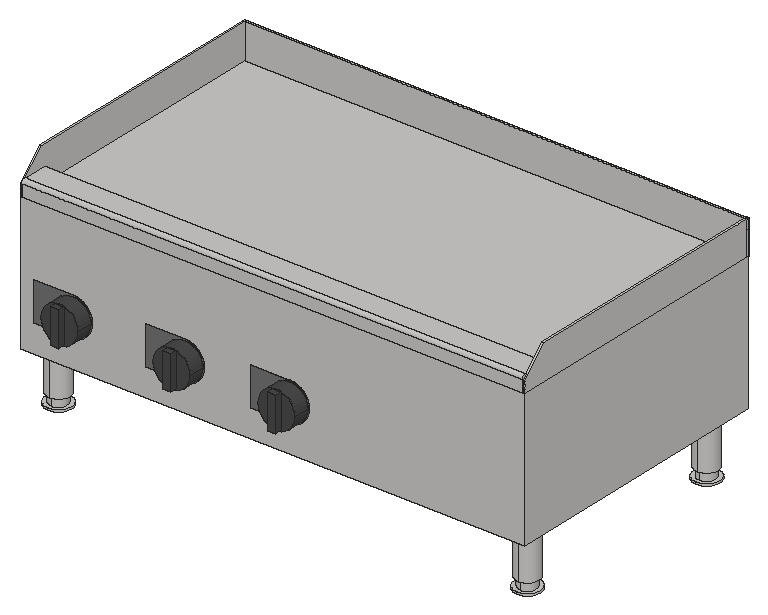
Revit family "QF_Vollrath_40717", category Specialty Equipment, Revit 2016
Family settings
  Part Type = Normal
  Round Connector Dimension = Use Diameter
  OmniClass Number = 23.40.40.14.17.14
  OmniClass Title = Hot Plates
  Work Plane-Based = No
  Always vertical = Yes
  Cut with Voids When Loaded = No
  Shared = No
  Room Calculation Point = No
Parameters
  Width [instance] = 3' - 0"
  Weight in Pounds = 110
  Watts = 8400 W
  Watermarked By = "http://revitwatermark.com"
  Volts = 220 V
  URL Cutsheet = ""
  URL = ""
  Status [instance] = ""
  Specification by User [instance] = ""
  Specification by Manufacturer [instance] = ""
  Serial Number [instance] = ""
  Seismic Rating [instance] = ""
  Revision Code [instance] = ""
  Phase = 1
  Number of Poles = 1
  NAFEM Spec ID Number [instance] = ""
  Model = "40717"
  Masterspec [instance] = ""
  Manufacturer = "Vollrath"
  Length [instance] = 1' - 8"
  Item Number [instance] = "-"
  Installed By [instance] = ""
  Height AFF [instance] = 2' - 10"
  Furnished By [instance] = ""
  Foodservice Equipment Identifier [instance] = yes
  FL Amps = 38 A
  Electrical Remarks = ""
  Electric Connection Type = ""
  Elec Conn RI Height = 0' - 0"
  Elec Conn Connection Height = 0' - 0"
  Description = "Electric Giddle"
  Cycle = 60 Hz
  Conn Plug = "NEMA 6-50P"
  CSI MasterFormat = "11 44 00"
  Assembly Code = "E1090320"
  Apparent Power = 0 VA
Reference planes (in)
  plane 1: z = 0
  plane 2 "BOTTOM": z = 34
  plane 3 "LEFT CLEARANCE": x = -30.72076
  plane 4 "RIGHT CLEARANCE": x = 17.27924
  plane 5 "BACK CLEARANCE": y = 6
  plane 6 "FRONT": y = -20
  plane 7 "Top of Legs": z = 38
  plane 8: x = -24.72076
  plane 9: x = 11.27924
  plane 10 "BACK": y = 0
  plane 11: z = 37.75
  plane 12: z = 37.5
  plane 13: x = -22.40972
  plane 14: x = -18.72076
  plane 15: x = -15.03179
  plane 16: z = 49.5
  plane 17: z = 48.86814
  plane 18: z = 49.875
  plane 19: z = 39.5
  plane 20: x = -12.84576
  plane 21: y = -0.125
  plane 22: x = -24.59576
  plane 23: z = 64.625
  plane 24: z = 47.75
  plane 25: y = -14.25
  plane 26 "TOP": z = 50.25
Forms (in)
  Extrusion 1, solid, material "QF_Finishes_Stainless Steel"
    sketch origin (0, 0, 34) x (0, 1, 0) y (-1, 0, 0)
      loop
        circle (-2, 23.59576) r 0.9375
    from 0 to 0.125
  Extrusion 2, solid, material "QF_Finishes_Stainless Steel"
    sketch origin (0, 0, 34) x (0, 1, 0) y (-1, 0, 0)
      loop
        circle (-2, 23.59576) r 0.625
    from 0.125 to 0.75
  Extrusion 3, solid, material "QF_Finishes_Stainless Steel"
    sketch origin (0, 0, 34) x (0, 1, 0) y (-1, 0, 0)
      loop
        circle (-2, 23.59576) r 0.8125
    from 0.75 to 4
  Extrusion 4, solid, material "QF_Finishes_Stainless Steel"
    sketch origin (45.125, 0, 34) x (0, 1, 0) y (-1, 0, 0)
      loop
        circle (-2, 35.22076) r 0.9375
    from 0 to 0.125
  Extrusion 5, solid, material "QF_Finishes_Stainless Steel"
    sketch origin (45.125, 0, 34) x (0, 1, 0) y (-1, 0, 0)
      loop
        circle (-2, 35.22076) r 0.625
    from 0.125 to 0.75
  Extrusion 6, solid, material "QF_Finishes_Stainless Steel"
    sketch origin (45.125, 0, 34) x (0, 1, 0) y (-1, 0, 0)
      loop
        circle (-2, 35.22076) r 0.8125
    from 0.75 to 4
  Extrusion 7, solid, material "QF_Finishes_Stainless Steel"
    sketch origin (45.125, -28, 34) x (0, 1, 0) y (-1, 0, 0)
      loop
        circle (10, 35.22076) r 0.9375
    from 0 to 0.125
  Extrusion 8, solid, material "QF_Finishes_Stainless Steel"
    sketch origin (45.125, -28, 34) x (0, 1, 0) y (-1, 0, 0)
      loop
        circle (10, 35.22076) r 0.625
    from 0.125 to 0.75
  Extrusion 9, solid, material "QF_Finishes_Stainless Steel"
    sketch origin (45.125, -28, 34) x (0, 1, 0) y (-1, 0, 0)
      loop
        circle (10, 35.22076) r 0.8125
    from 0.75 to 4
  Extrusion 10, solid, material "QF_Finishes_Stainless Steel"
    sketch origin (0, -28, 34) x (0, 1, 0) y (-1, 0, 0)
      loop
        circle (10, 23.59576) r 0.9375
    from 0 to 0.125
  Extrusion 11, solid, material "QF_Finishes_Stainless Steel"
    sketch origin (0, -28, 34) x (0, 1, 0) y (-1, 0, 0)
      loop
        circle (10, 23.59576) r 0.625
    from 0.125 to 0.75
  Extrusion 12, solid, material "QF_Finishes_Stainless Steel"
    sketch origin (0, -28, 34) x (0, 1, 0) y (-1, 0, 0)
      loop
        circle (10, 23.59576) r 0.8125
    from 0.75 to 4
  Extrusion 13, solid, material "QF_Finishes_Stainless Steel"
    sketch origin (0, 0, 34) x (0, 1, 0) y (-1, 0, 0)
      loop
        line (0, 24.72076) -> (-20, 24.72076) -> (-20, -11.27924) -> (0, -11.27924) -> (0, 24.72076)
    from 4 to 13.75
  Extrusion 14, solid, material "QF_Finishes_Black"
    sketch origin (0.75, 5.04599, -2) x (1, 0, 0) y (0, 0, 1)
      loop
        circle (-21.70789, 43.38697) r 1.31289
    from 25.04599 to 26.25
  Extrusion 15, solid, material "QF_Finishes_Black"
    sketch origin (0.91646, 5.04599, -2) x (1, 0, 0) y (0, 0, 1)
      loop
        line (-22.10719, 44.63767) -> (-22.10719, 42.20063) -> (-21.55452, 42.20063) -> (-21.55452, 44.63767) -> (-22.10719, 44.63767)
    from 26.25 to 26.75
  Extrusion 16, solid, material "QF_Finishes_Clearances", detail levels coarse
    sketch origin (0, 0, 34) x (0, 1, 0) y (-1, 0, 0)
      loop
        line (6, 30.72076) -> (-20, 30.72076) -> (-20, 24.72076) -> (6, 24.72076) -> (6, 30.72076)
    from 0 to 16.25
  Extrusion 17, solid, material "QF_Finishes_Clearances", detail levels coarse
    sketch origin (0, 0, 34) x (0, 1, 0) y (-1, 0, 0)
      loop
        line (6, -11.27924) -> (-20, -11.27924) -> (-20, -17.27924) -> (6, -17.27924) -> (6, -11.27924)
    from 0 to 16.25
  Extrusion 18, solid, material "QF_Finishes_Clearances", detail levels coarse
    sketch origin (0, 0, 34) x (0, 1, 0) y (-1, 0, 0)
      loop
        line (6, 24.72076) -> (0, 24.72076) -> (0, -11.27924) -> (6, -11.27924) -> (6, 24.72076)
    from 0 to 16.25
  Extrusion 19, solid, material "QF_Finishes_Stainless Steel"
    sketch origin (0, 0, 0) x (1, 0, 0) y (0, 0, 1)
      loop
        circle (-15.03179, 39.5) r 0.375
    from -0.37026 to 0
  Extrusion 20, solid, material "QF_Finishes_Stainless Steel"
    sketch origin (-0.72076, 0, 0) x (0, 1, 0) y (0, 0, 1)
      loop
        line (-20, 48.58811) -> (-20, 47.75) -> (0, 47.75) -> (0, 50.25) -> (-18.25687, 50.25) -> (-20, 48.58811)
    from 11.875 to 12
  Extrusion 21, solid, material "QF_Finishes_Stainless Steel"
    sketch origin (-36.59576, 0, 0) x (0, 1, 0) y (0, 0, 1)
      loop
        line (-20, 48.58811) -> (-20, 47.75) -> (0, 47.75) -> (0, 50.25) -> (-18.25687, 50.25) -> (-20, 48.58811)
    from 11.875 to 12
  Extrusion 22, solid, material "QF_Finishes_Stainless Steel"
    sketch origin (-24.72076, 0, 0) x (0, 1, 0) y (0, 0, 1)
      loop
        line (-18.04599, 47.75) -> (-18.04599, 48.86814) -> (-19.72916, 48.86814)
        arc (-19.72916, 48.86814) -> (-19.92067, 48.78882) -> (-20, 48.5973) r 0.27084
        line (-20, 48.5973) -> (-20, 47.75) -> (-18.04599, 47.75)
    from 0.125 to 35.875
  Extrusion 23, solid, material "QF_Finishes_Dark Grey"
    sketch origin (0.75, 0, -2) x (1, 0, 0) y (0, 0, 1)
      loop
        line (-24.45789, 42.01197) -> (-21.70789, 42.01197)
        arc (-21.70789, 42.01197) -> (-20.33289, 43.38697) -> (-21.70789, 44.76197) r 1.375
        line (-21.70789, 44.76197) -> (-24.45789, 44.76197) -> (-24.45789, 42.01197)
      loop
        circle (-21.70789, 43.38697) r 1.31289
    from 20.0563 to 20
  Extrusion 24, solid, material "QF_Finishes_Stainless Steel"
    sketch origin (0, 0, 0) x (1, 0, 0) y (0, 0, 1)
      loop
        line (11.27924, 50.25) -> (-24.72076, 50.25) -> (-24.72076, 47.75) -> (11.27924, 47.75) -> (11.27924, 50.25)
    from 0 to 0.125
  Extrusion 25, solid, material "QF_Finishes_Black"
    sketch origin (8.75, 5.04599, -2) x (1, 0, 0) y (0, 0, 1)
      loop
        circle (-21.70789, 43.38697) r 1.31289
    from 25.04599 to 26.25
  Extrusion 26, solid, material "QF_Finishes_Black"
    sketch origin (8.91646, 5.04599, -2) x (1, 0, 0) y (0, 0, 1)
      loop
        line (-22.10719, 44.63767) -> (-22.10719, 42.20063) -> (-21.55452, 42.20063) -> (-21.55452, 44.63767) -> (-22.10719, 44.63767)
    from 26.25 to 26.75
  Extrusion 27, solid, material "QF_Finishes_Dark Grey"
    sketch origin (8.75, 0, -2) x (1, 0, 0) y (0, 0, 1)
      loop
        line (-24.45789, 42.01197) -> (-21.70789, 42.01197)
        arc (-21.70789, 42.01197) -> (-20.33289, 43.38697) -> (-21.70789, 44.76197) r 1.375
        line (-21.70789, 44.76197) -> (-24.45789, 44.76197) -> (-24.45789, 42.01197)
      loop
        circle (-21.70789, 43.38697) r 1.31289
    from 20.0563 to 20
  Extrusion 28, solid, material "QF_Finishes_Black"
    sketch origin (16.25, 5.04599, -2) x (1, 0, 0) y (0, 0, 1)
      loop
        circle (-21.70789, 43.38697) r 1.31289
    from 25.04599 to 26.25
  Extrusion 29, solid, material "QF_Finishes_Black"
    sketch origin (16.41646, 5.04599, -2) x (1, 0, 0) y (0, 0, 1)
      loop
        line (-22.10719, 44.63767) -> (-22.10719, 42.20063) -> (-21.55452, 42.20063) -> (-21.55452, 44.63767) -> (-22.10719, 44.63767)
    from 26.25 to 26.75
  Extrusion 30, solid, material "QF_Finishes_Dark Grey"
    sketch origin (16.25, 0, -2) x (1, 0, 0) y (0, 0, 1)
      loop
        line (-24.45789, 42.01197) -> (-21.70789, 42.01197)
        arc (-21.70789, 42.01197) -> (-20.33289, 43.38697) -> (-21.70789, 44.76197) r 1.375
        line (-21.70789, 44.76197) -> (-24.45789, 44.76197) -> (-24.45789, 42.01197)
      loop
        circle (-21.70789, 43.38697) r 1.31289
    from 20.0563 to 20
Lines and regions (in)
  symbolic lines, style "QF_Clearances", detail levels coarse
    curve 1: line (-30.72076, -20, 34) -> (-30.72076, 6, 34)
    curve 2: line (-30.72076, 6, 34) -> (-24.72076, 6, 34)
    curve 3: line (-24.72076, 6, 34) -> (11.27924, 6, 34)
    curve 4: line (11.27924, 6, 34) -> (17.27924, 6, 34)
    curve 5: line (17.27924, 6, 34) -> (17.27924, -20, 34)
  symbolic lines
    curve 6: line (-24.72076, 0, 34) -> (11.27924, 0, 34)
    curve 7: line (11.27924, 0, 34) -> (11.27924, -20, 34)
    curve 8: line (11.27924, -20, 34) -> (-24.72076, -20, 34)
    curve 9: line (-24.72076, -20, 34) -> (-24.72076, 0, 34)
    curve 10: line (-24.72076, -18.04599, 34) -> (11.27924, -18.04599, 34)
Dimensions and locks (in)
  "Height AFF": plane 2 "BOTTOM" to level
  plane 3 "LEFT CLEARANCE" to plane 8 = 0' - 6"
  locked: plane 9 to plane 4 "RIGHT CLEARANCE" at 6
  plane 5 "BACK CLEARANCE" to plane 10 "BACK" = 0' - 6"
  "Width": plane 8 to plane 9
  locked: Extrusion 19 sketch curve to plane 7 "Top of Legs" at 1.5
  locked: plane 7 "Top of Legs" to plane 2 "BOTTOM" at 4
  locked: plane 11 to plane 12 at 0.25
  locked: plane 7 "Top of Legs" to plane 11 at 0.25
  plane 19 to plane 7 "Top of Legs" = 0' - 1 1/2"
  locked: plane 17 to plane 19 at 9.36814
  Extrusion 21 to Extrusion 16 = 0' - 6 1/8"
  plane 25 to plane 10 "BACK" = 1' - 2 1/4"
  locked: plane 16 to plane 17 at 0.63186
  locked: plane 18 to plane 16 at 0.375
  locked: plane 18 to plane 26 "TOP" at 0.375
  locked: plane 26 "TOP" to plane 24 at 2.5
  aligned and locked: level to plane 1
  aligned: plane 9 to Extrusion 13 sketch curve
  aligned: Extrusion 13 to plane 9
  aligned: Extrusion 13 to plane 7 "Top of Legs"
  aligned and locked: Extrusion 16 to Extrusion 18
  aligned and locked: Extrusion 17 to Extrusion 16
  aligned and locked: plane 17 to Extrusion 22
  aligned and locked: Extrusion 20 to Extrusion 22
  aligned and locked: Extrusion 21 to Extrusion 22
  aligned and locked: plane 26 "TOP" to Extrusion 17
  aligned and locked: Extrusion 16 to Extrusion 20
  aligned and locked: Extrusion 16 to Extrusion 21
  aligned and locked: Extrusion 24 sketch curve to Extrusion 18
  aligned and locked: Extrusion 24 sketch curve to Extrusion 17
  aligned and locked: Extrusion 24 to plane 21
  aligned and locked: Extrusion 20 to Extrusion 13
  aligned and locked: Extrusion 24 to Extrusion 21
  aligned and locked: Extrusion 21 to plane 24
  aligned and locked: Extrusion 16 to Extrusion 24
Automatic sketch dimensions
  Extrusion 1 sketch curve to plane 21 = 0' - 1 7/8"
  plane 22 to Extrusion 1 sketch curve = 0' - 1"
  Extrusion 2 sketch curve to plane 21 = 0' - 1 7/8"
  plane 22 to Extrusion 2 sketch curve = 0' - 1"
  Extrusion 3 sketch curve to plane 21 = 0' - 1 7/8"
  plane 22 to Extrusion 3 sketch curve = 0' - 1"
  Extrusion 4 sketch curve to plane 21 = 0' - 1 7/8"
  Extrusion 4 sketch curve to plane 20 = 1' - 10 3/4"
  Extrusion 5 sketch curve to plane 21 = 0' - 1 7/8"
  Extrusion 5 sketch curve to plane 20 = 1' - 10 3/4"
  Extrusion 6 sketch curve to plane 21 = 0' - 1 7/8"
  Extrusion 6 sketch curve to plane 20 = 1' - 10 3/4"
  plane 25 to Extrusion 7 sketch curve = 0' - 3 3/4"
  Extrusion 7 sketch curve to plane 20 = 1' - 10 3/4"
  plane 25 to Extrusion 8 sketch curve = 0' - 3 3/4"
  Extrusion 8 sketch curve to plane 20 = 1' - 10 3/4"
  plane 25 to Extrusion 9 sketch curve = 0' - 3 3/4"
  Extrusion 9 sketch curve to plane 20 = 1' - 10 3/4"
  plane 25 to Extrusion 10 sketch curve = 0' - 3 3/4"
  plane 22 to Extrusion 10 sketch curve = 0' - 1"
  plane 25 to Extrusion 11 sketch curve = 0' - 3 3/4"
  plane 22 to Extrusion 11 sketch curve = 0' - 1"
  plane 25 to Extrusion 12 sketch curve = 0' - 3 3/4"
  plane 22 to Extrusion 12 sketch curve = 0' - 1"
  curve 5 to plane 4 "RIGHT CLEARANCE" = 0' - 0"
  curve 5 to plane 6 "FRONT" = 0' - 0"
  curve 9 to plane 6 "FRONT" = 0' - 0"
  curve 1 to plane 3 "LEFT CLEARANCE" = 0' - 0"
  curve 1 to plane 6 "FRONT" = 0' - 0"
  curve 10 to plane 9 = 0' - 0"
  curve 10 to plane 8 = 0' - 0"
  curve 6 to plane 10 "BACK" = 0' - 0"
  curve 4 to plane 5 "BACK CLEARANCE" = 0' - 0"
  curve 3 to plane 9 = 0' - 0"
  curve 2 to plane 8 = 0' - 0"
  curve 7 to curve 10 = 0' - 1.95401"
  Extrusion 13 sketch curve to plane 6 "FRONT" = 0' - 0"
  Extrusion 13 sketch curve to plane 8 = 0' - 0"
  Extrusion 13 sketch curve to plane 10 "BACK" = 0' - 0"
  Extrusion 13 sketch curve to plane 9 = 0' - 0"
  Extrusion 14 sketch curve to Extrusion 14 sketch curve = 0' - 0"  (x2)
  Extrusion 14 sketch curve to plane 13 = 0' - 0.13894"
  Extrusion 14 sketch curve to Extrusion 14 sketch curve = 0' - 1.31289"
  plane 19 to Extrusion 14 sketch curve = 0' - 1.88697"
  Extrusion 15 sketch curve to plane 13 = 0' - 1.21899"
  Extrusion 15 sketch curve to Extrusion 15 sketch curve = 0' - 0.55267"
  plane 19 to Extrusion 15 sketch curve = 0' - 0.70063"
  Extrusion 15 sketch curve to Extrusion 15 sketch curve = 0' - 2.43704"
  Extrusion 16 sketch curve to plane 3 "LEFT CLEARANCE" = 0' - 0"
  Extrusion 16 sketch curve to plane 6 "FRONT" = 0' - 0"
  Extrusion 16 sketch curve to plane 5 "BACK CLEARANCE" = 0' - 0"
  Extrusion 16 sketch curve to plane 8 = 0' - 0"
  Extrusion 17 sketch curve to plane 6 "FRONT" = 0' - 0"
  Extrusion 17 sketch curve to plane 5 "BACK CLEARANCE" = 0' - 0"
  Extrusion 17 sketch curve to plane 4 "RIGHT CLEARANCE" = 0' - 0"
  Extrusion 17 sketch curve to plane 9 = 0' - 0"
  Extrusion 18 sketch curve to plane 8 = 0' - 0"
  Extrusion 18 sketch curve to plane 10 "BACK" = 0' - 0"
  Extrusion 18 sketch curve to plane 5 "BACK CLEARANCE" = 0' - 0"
  Extrusion 18 sketch curve to plane 9 = 0' - 0"
  Extrusion 19 sketch curve to plane 15 = 0' - 0"
  Extrusion 20 sketch curve to plane 6 "FRONT" = 0' - 0"
  Extrusion 20 sketch curve to plane 26 "TOP" = 0' - 0"
  Extrusion 20 sketch curve to plane 10 "BACK" = 0' - 0"
  Extrusion 20 sketch curve to plane 24 = 0' - 0"
  plane 6 "FRONT" to Extrusion 20 sketch curve = 0' - 1.74313"
  Extrusion 20 sketch curve to plane 17 = 0' - 0.28003"
  Extrusion 21 sketch curve to plane 6 "FRONT" = 0' - 0"
  Extrusion 21 sketch curve to plane 26 "TOP" = 0' - 0"
  Extrusion 21 sketch curve to plane 10 "BACK" = 0' - 0"
  Extrusion 21 sketch curve to plane 24 = 0' - 0"
  plane 6 "FRONT" to Extrusion 21 sketch curve = 0' - 1.74313"
  Extrusion 21 sketch curve to plane 17 = 0' - 0.28003"
  Extrusion 22 sketch curve to plane 6 "FRONT" = 0' - 0"
  Extrusion 22 sketch curve to plane 17 = 0' - 0"
  Extrusion 22 sketch curve to plane 24 = 0' - 0"
  plane 6 "FRONT" to Extrusion 22 sketch curve = 0' - 0.27084"
  Extrusion 22 sketch curve to Extrusion 22 sketch curve = 0' - 1.68317"
  Extrusion 23 sketch curve to Extrusion 23 sketch curve = 0' - 0"  (x2)
  plane 22 to Extrusion 23 sketch curve = 0' - 0.88786"
  Extrusion 23 sketch curve to plane 13 = 0' - 1.45183"
  plane 19 to Extrusion 23 sketch curve = 0' - 0.51197"
  Extrusion 23 sketch curve to Extrusion 23 sketch curve = 0' - 1 3/8"
  Extrusion 24 sketch curve to plane 8 = 0' - 0"
  Extrusion 24 sketch curve to plane 24 = 0' - 0"
  Extrusion 25 sketch curve to Extrusion 25 sketch curve = 0' - 0"  (x2)
  plane 15 to Extrusion 25 sketch curve = 0' - 0.761"
  plane 20 to Extrusion 25 sketch curve = 0' - 0.11214"
  plane 19 to Extrusion 25 sketch curve = 0' - 1.88697"
  plane 20 to Extrusion 26 sketch curve = 0' - 0.34498"
  Extrusion 26 sketch curve to plane 20 = 0' - 0.20769"
  plane 19 to Extrusion 26 sketch curve = 0' - 0.70063"
  Extrusion 26 sketch curve to Extrusion 26 sketch curve = 0' - 2.43704"
  Extrusion 27 sketch curve to Extrusion 27 sketch curve = 0' - 0"  (x2)
  Extrusion 27 sketch curve to plane 15 = 0' - 0.67611"
  plane 20 to Extrusion 27 sketch curve = 0' - 0.11214"
  plane 19 to Extrusion 27 sketch curve = 0' - 0.51197"
  Extrusion 27 sketch curve to Extrusion 27 sketch curve = 0' - 1 3/8"
  Extrusion 28 sketch curve to Extrusion 28 sketch curve = 0' - 0"  (x2)
  plane 19 to Extrusion 28 sketch curve = 0' - 1.88697"
  Extrusion 28 sketch curve to plane 20 = 0' - 6.07497"
  Extrusion 28 sketch curve to Extrusion 28 sketch curve = 0' - 1.31289"
  plane 19 to Extrusion 29 sketch curve = 0' - 0.70063"
  Extrusion 29 sketch curve to plane 20 = 0' - 7.15502"
  Extrusion 29 sketch curve to Extrusion 29 sketch curve = 0' - 0.55267"
  Extrusion 29 sketch curve to Extrusion 29 sketch curve = 0' - 2.43704"
  Extrusion 30 sketch curve to Extrusion 30 sketch curve = 0' - 0"  (x2)
  plane 19 to Extrusion 30 sketch curve = 0' - 3.26197"
  Extrusion 30 sketch curve to plane 20 = 0' - 4.63786"
  Extrusion 30 sketch curve to Extrusion 30 sketch curve = 0' - 2 3/4"
  Extrusion 30 sketch curve to Extrusion 30 sketch curve = 0' - 1 3/8"
  radius of Extrusion 1 sketch curve = 0' - 0 15/16"
  radius of Extrusion 2 sketch curve = 0' - 0 5/8"
  radius of Extrusion 3 sketch curve = 0' - 0 13/16"
  radius of Extrusion 4 sketch curve = 0' - 0 15/16"
  radius of Extrusion 5 sketch curve = 0' - 0 5/8"
  radius of Extrusion 6 sketch curve = 0' - 0 13/16"
  radius of Extrusion 7 sketch curve = 0' - 0 15/16"
  radius of Extrusion 8 sketch curve = 0' - 0 5/8"
  radius of Extrusion 9 sketch curve = 0' - 0 13/16"
  radius of Extrusion 10 sketch curve = 0' - 0 15/16"
  radius of Extrusion 11 sketch curve = 0' - 0 5/8"
  radius of Extrusion 12 sketch curve = 0' - 0 13/16"
  radius of Extrusion 19 sketch curve = 0' - 0 3/8"
  radius of Extrusion 23 sketch curve = 0' - 1.31289"
  radius of Extrusion 27 sketch curve = 0' - 1.31289"
  radius of Extrusion 30 sketch curve = 0' - 1.31289"
Connectors (in)
  piping at (-15.03179, 0.37026, 39.5), diameter 0.75
    settings: on Extrusion 19, index 1, connector inside diameter 3/4", connector length 0' - 0", flow factor 0, pipe flow 0 GPM, pressure drop 0.00 psi, fitting loss kfactor 0, connector angle 0.00°, fixture units 0, engagement length 0' - 0", angle of deflection 0.00°, flow configuration 1, flow direction 1, fitting loss method 0, system type 22, joint type 0, gender type 0, connector reference index -1, connector utility 0, adjustable connector no, is connector primary yes, connector description "Gas Connection"
